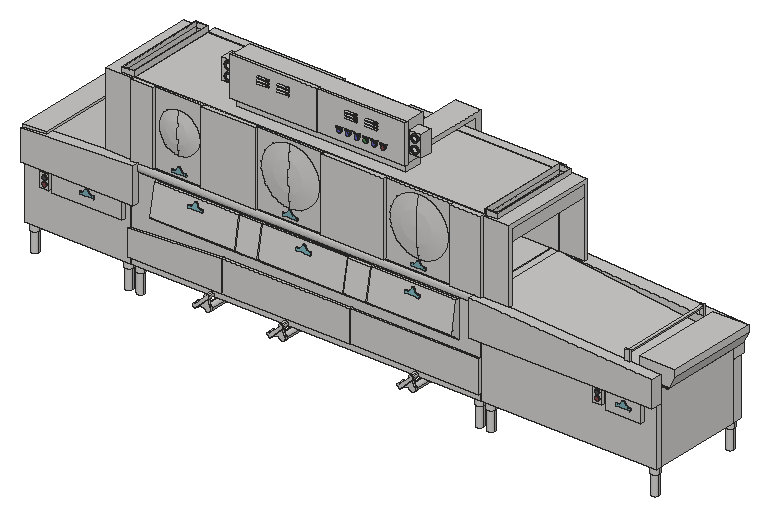
Revit family (continued)
Automatic sketch dimensions
  curve 77 to curve 75 = 0' - 1 1/8"
  curve 81 to plane 124 = 0' - 0 3/8"
  curve 81 to curve 81 = 0' - 1 1/8"
  curve 73 to plane 112 = 0' - 0 3/8"
  curve 73 to curve 73 = 0' - 1 1/8"
  plane 22 "Front of Main Body" to curve 86 = 0' - 1 1/8"
  curve 11 to curve 9 = 0' - 0 7/8"
  curve 38 to plane 22 "Front of Main Body" = 0' - 0.06488"
  curve 91 to plane 22 "Front of Main Body" = 0' - 0 3/4"
  curve 16 to plane 22 "Front of Main Body" = 0' - 0 3/4"
  curve 58 to plane 22 "Front of Main Body" = 0' - 0 3/4"
  curve 52 to plane 22 "Front of Main Body" = 0' - 0 3/4"
  curve 26 to plane 22 "Front of Main Body" = 0' - 0 3/4"
  curve 110 to curve 110 = 0' - 0 1/2"
  curve 115 to plane 33 "Back of Inside" = 0' - 0 1/2"
  curve 34 to plane 33 "Back of Inside" = 0' - 1"
  curve 15 to plane 33 "Back of Inside" = 0' - 1"
  curve 22 to curve 21 = 0' - 1"
  curve 12 to curve 2 = 0' - 0 3/8"
  curve 109 to curve 109 = 0' - 1 1/2"
  curve 5 to curve 5 = 0' - 1 1/2"
  plane 72 to curve 114 = 0' - 0 3/4"
  plane 72 to curve 111 = 0' - 0 3/4"
  curve 112 to curve 113 = 0' - 0 1/4"
  curve 117 to plane 72 = 0' - 0 1/2"
  curve 117 to curve 115 = 0' - 0 1/4"
  curve 117 to curve 111 = 0' - 0 1/4"
  curve 85 to curve 86 = 0' - 0 3/8"
  curve 134 to plane 80 = 0' - 0 1/2"
  curve 2 to plane 45 = 0' - 3"
  radius of Extrusion 105 sketch curve = 0' - 1 1/4"
  radius of Extrusion 105 sketch curve = 0' - 1"
  radius of Extrusion 108 sketch curve = 0' - 0 5/8"
  radius of Extrusion 109 sketch curve = 0' - 0 5/8"
  radius of Extrusion 110 sketch curve = 0' - 0 5/8"
  radius of Extrusion 111 sketch curve = 0' - 0 5/8"
  radius of Extrusion 113 sketch curve = 0' - 1 1/4"
  radius of Extrusion 113 sketch curve = 0' - 1"
  radius of Extrusion 115 sketch curve = 0' - 1 1/4"
  radius of Extrusion 115 sketch curve = 0' - 1"
  radius of Extrusion 117 sketch curve = 0' - 1 1/4"
  radius of Extrusion 117 sketch curve = 0' - 1"
  radius of Extrusion 119 sketch curve = 0' - 0 5/8"
  radius of Extrusion 120 sketch curve = 0' - 0 5/8"
  radius of Extrusion 139 sketch curve = 0' - 1"
  radius of Extrusion 139 sketch curve = 0' - 1 1/8"
  radius of Extrusion 140 sketch curve = 0' - 1"
  radius of Extrusion 140 sketch curve = 0' - 1 1/8"
  radius of Extrusion 144 sketch curve = 0' - 1"
  radius of Extrusion 144 sketch curve = 0' - 1 1/8"
  radius of Extrusion 150 sketch curve = 0' - 1 1/4"
  radius of Extrusion 150 sketch curve = 0' - 1"
  radius of Extrusion 153 sketch curve = 0' - 0 5/8"
  radius of Extrusion 154 sketch curve = 0' - 0 5/8"
  radius of Extrusion 155 sketch curve = 0' - 0 5/8"
  radius of Extrusion 156 sketch curve = 0' - 0 5/8"
  radius of Extrusion 158 sketch curve = 0' - 1 1/4"
  radius of Extrusion 158 sketch curve = 0' - 1"
  radius of Extrusion 160 sketch curve = 0' - 1 1/4"
  radius of Extrusion 160 sketch curve = 0' - 1"
  radius of Extrusion 162 sketch curve = 0' - 1 1/4"
  radius of Extrusion 162 sketch curve = 0' - 1"
  radius of Extrusion 164 sketch curve = 0' - 0 5/8"
  radius of Extrusion 165 sketch curve = 0' - 0 5/8"
  radius of Extrusion 178 sketch curve = 0' - 1"
  radius of Extrusion 178 sketch curve = 0' - 1 1/8"
  radius of Extrusion 179 sketch curve = 0' - 1"
  radius of Extrusion 179 sketch curve = 0' - 1 1/8"
  radius of Extrusion 183 sketch curve = 0' - 1"
  radius of Extrusion 183 sketch curve = 0' - 1 1/8"
  radius of Extrusion 57 sketch curve = 0' - 0 3/4"
  radius of Extrusion 58 sketch curve = 0' - 0 3/4"
  radius of Extrusion 73 sketch curve = 0' - 0 3/4"
  radius of Extrusion 74 sketch curve = 0' - 0 3/4"
  radius of Extrusion 75 sketch curve = 0' - 1 3/16"
  radius of Extrusion 76 sketch curve = 0' - 1 7/16"
  radius of Extrusion 77 sketch curve = 0' - 1 3/16"
  radius of Extrusion 78 sketch curve = 0' - 1 7/16"
  radius of Extrusion 79 sketch curve = 0' - 1 3/16"
  radius of Extrusion 80 sketch curve = 0' - 1 7/16"
  radius of Extrusion 81 sketch curve = 0' - 1 3/16"
  radius of Extrusion 82 sketch curve = 0' - 1 7/16"
  radius of Extrusion 83 sketch curve = 0' - 1 3/16"
  radius of Extrusion 84 sketch curve = 0' - 1 7/16"
  radius of Extrusion 85 sketch curve = 0' - 1 3/16"
  radius of Extrusion 86 sketch curve = 0' - 1 7/16"
  radius of Extrusion 87 sketch curve = 0' - 1 3/16"
  radius of Extrusion 88 sketch curve = 0' - 1 7/16"
  radius of Extrusion 89 sketch curve = 0' - 1 3/16"
  radius of Extrusion 90 sketch curve = 0' - 1 7/16"
  radius of Extrusion 91 sketch curve = 0' - 1 3/16"
  radius of Extrusion 92 sketch curve = 0' - 1 7/16"
  radius of Extrusion 93 sketch curve = 0' - 1 3/16"
  radius of Extrusion 94 sketch curve = 0' - 1 7/16"
  radius of Extrusion 95 sketch curve = 0' - 1 3/16"
  radius of Extrusion 96 sketch curve = 0' - 1 7/16"
  radius of Extrusion 97 sketch curve = 0' - 1 3/16"
  radius of Extrusion 98 sketch curve = 0' - 1 7/16"
  radius of Extrusion 133 sketch curve = 0' - 1"
  radius of Extrusion 133 sketch curve = 0' - 1 1/8"
  radius of Extrusion 138 sketch curve = 0' - 0 1/2"
  radius of Extrusion 211 sketch curve = 0' - 0 1/4"
  radius of Extrusion 69 sketch curve = 0' - 0 1/2"
  radius of Sweep 136 sketch curve = 0' - 0 3/8"
  radius of Sweep 136 sketch curve = 0' - 0 1/2"
  radius of Sweep 137 sketch curve = 0' - 0 1/2"
  radius of Sweep 137 sketch curve = 0' - 0 5/8"
  radius of Extrusion 148 sketch curve = 0' - 0 1/4"
  radius of Extrusion 149 sketch curve = 0' - 0 1/4"
  radius of Extrusion 192 sketch curve = 0' - 0 1/4"
  radius of Extrusion 193 sketch curve = 0' - 0 1/4"
  radius of Sweep 194 sketch curve = 0' - 0 3/8"
  radius of Extrusion 195 sketch curve = 0' - 0 1/4"
  radius of Extrusion 196 sketch curve = 0' - 0 1/4"
  radius of Extrusion 197 sketch curve = 0' - 0 1/4"
  radius of Extrusion 198 sketch curve = 0' - 0 1/4"
  radius of Extrusion 199 sketch curve = 0' - 0 1/4"
  radius of Extrusion 200 sketch curve = 0' - 0 1/4"
  radius of Extrusion 201 sketch curve = 0' - 0 1/4"
  radius of Extrusion 202 sketch curve = 0' - 0 1/4"
  radius of Sweep 203 sketch curve = 0' - 0 3/8"
  radius of Sweep 204 sketch curve = 0' - 0 3/8"
  radius of Sweep 205 sketch curve = 0' - 0 3/8"
  radius of Sweep 206 sketch curve = 0' - 0 3/8"
  radius of Sweep 210 sketch curve = 0' - 0 3/8"
  radius of Sweep 210 sketch curve = 0' - 0 1/2"
Nested families (in)
  nested 1: "QF_Stero_STPCW-ER_120_E_EX" at (98.84638, -6, 0), Ventilation Remarks <- "Unload Ventilation Remarks", Exhaust Volume <- "Unload Exhaust Volume", Exhaust Vent Width <- "Unload Exhaust Vent Width", Exhaust Vent Depth <- "Unload Exhaust Vent Depth", Exhaust Static Press <- "Unload Exhaust Static Press", Exhaust RI Height <- "Unload Exhaust RI Height", Item Number <- "Unload Exhaust Item Number", type "Nested"
    with Ventilation Remarks "", Item Number "-", Exhaust Volume 1000 CFM, Exhaust Vent Width 0' - 4", Exhaust Vent Depth 2' - 7 1/4", Exhaust Static Press 0.00 in-wg, Exhaust RI Height 0' - 0"
  nested 2: "QF_Stero_STPCW-ER_120_E_E2" at (11.97138, -26, 0), Watts <- "F2 Watts", Volts <- "F2 Volts", Phase <- "F2 Phase", Number of Poles <- "F2 Number of Poles", FL Amps <- "F2 FL Amps", Electrical Remarks <- "F2 Electrical Remarks", Electric Connection Type <- "F2 Electric Connection Type", Elec Conn RI Height <- "F2 Elec Conn RI Height", Elec Conn Connection Height <- "F2 Elec Conn Connection Height", Cycle <- "F2 Cycle", Conn Conduit <- "F2 Conn Conduit", Apparent Power <- "F2 Apparent Power", Item Number <- "F2 Item Number", visible <- "Feeder Line 2", type "Nested"
    with Watts 0 W, Volts 480 V, Phase 3, Number of Poles 3, Item Number "-", FL Amps 0 A, Electrical Remarks "", Electric Connection Type "", Elec Conn RI Height 0' - 0", Elec Conn Connection Height 6' - 6", Cycle 60 Hz, Conn Conduit yes, Apparent Power 0 VA
  nested 3: "QF_Stero_STPCW-ER_120_E_E2" at (12.72138, -26, 0), Watts <- "F3 Watts", Volts <- "F3 Volts", Phase <- "F3 Phase", Number of Poles <- "F3 Number of Poles", FL Amps <- "F3 FL Amps", Electrical Remarks <- "F3 Electrical Remarks", Electric Connection Type <- "F3 Electric Connection Type", Elec Conn RI Height <- "F3 Elec Conn RI Height", Elec Conn Connection Height <- "F3 Elec Conn Connection Height", Cycle <- "F3 Cycle", Conn Conduit <- "F3 Conn Conduit", Apparent Power <- "F3 Apparent Power", Item Number <- "F3 Item Number", visible <- "Feeder Line 3", type "Nested"
    with Watts 0 W, Volts 480 V, Phase 3, Number of Poles 3, Item Number "-", FL Amps 0 A, Electrical Remarks "", Electric Connection Type "", Elec Conn RI Height 0' - 0", Elec Conn Connection Height 6' - 6", Cycle 60 Hz, Conn Conduit yes, Apparent Power 0 VA
  nested 4: "QF_Stero_STPCW-ER_120_E_E2" at (110.72138, -3, 0), visible <- "Booster Heater", Watts <- "Booster Watts", Volts <- "Booster Volts", Phase <- "Booster Phase", Number of Poles <- "Booster Number of Poles", FL Amps <- "Booster FL Amps", Electrical Remarks <- "Booster Electrical Remarks", Electric Connection Type <- "Booster Electric Connection Type", Elec Conn RI Height <- "Booster Elec Conn RI Height", Elec Conn Connection Height <- "Booster Elec Conn Connection Height", Cycle <- "Booster Cycle", Conn Conduit <- "Booster Conn Conduit", Apparent Power <- "Booster Apparent Power", Item Number <- "Booster Item Number", type "Nested"
    with Watts 24000 W, Volts 480 V, Phase 3, Number of Poles 3, Item Number "-", FL Amps 28.9 A, Electrical Remarks "", Electric Connection Type "", Elec Conn RI Height 0' - 0", Elec Conn Connection Height 0' - 11", Cycle 60 Hz, Conn Conduit yes, Apparent Power 23998.6 VA
  nested 5: "QF_Stero_STPCW-ER_120_E_HW2" at (122.72138, -16.75, 0), visible <- "No Booster Heater", Plumbing Remarks <- "Boosted Plumbing Remarks", Hot Water Temperature <- "Boosted Hot Water Temperature", Hot Water Size <- "Boosted Hot Water Size", Hot Water RI Height <- "Boosted Hot Water RI Height", Hot Water Minimum Pressure <- "Boosted Hot Water Minimum Pressure", Hot Water Maximum Pressure <- "Boosted Hot Water Maximum Pressure", Hot Water Flow <- "Boosted Hot Water Flow", Hot Water Consumption <- "Boosted Hot Water Consumption", Hot Water Connection Height <- "Boosted Hot Water Connection Height", Item Number <- "Boosted HW Item Number", type "Nested"
    with Plumbing Remarks "", Item Number "-", Hot Water Temperature 180 °F, Hot Water Size Radius 3/8", Hot Water Size 3/4", Hot Water RI Height 0' - 0", Hot Water Minimum Pressure 20.00 psi, Hot Water Maximum Pressure 20.00 psi, Hot Water Flow 0.00 GPM, Hot Water Consumption 1.63 GPM, Hot Water Connection Height 0' - 6"
Connectors (in)
  hvac at (-23.40362, -21.625, 67.25), driven by "Exhaust Volume", driven by "Exhaust Vent Depth", driven by "Exhaust Vent Width"
    settings: on cut or joined group of Extrusion 29, Extrusion 31, index 1, duct flow 500 CFM, flow factor 0, pres drop 0.00 in-wg, loss coef 0, conn angle 0.00°, conn width 4", conn height 31 1/4", conn radius 12", duct sys type 3, conn prof type 1, flow config 1, flow direction 2, loss method 0, conn ref index -1, conn util no, is conn primary yes, conn desc "Load End Exhaust"
  hvac at (100.84638, -21.625, 67.25), driven by "Unload Exhaust Volume", driven by "Unload Exhaust Vent Depth", driven by "Unload Exhaust Vent Width"
    settings: on cut or joined group of Extrusion 33, Extrusion 35, index 2, duct flow 1000 CFM, flow factor 0, pres drop 0.00 in-wg, loss coef 0, conn angle 0.00°, conn width 4", conn height 31 1/4", conn radius 12", duct sys type 3, conn prof type 1, flow config 1, flow direction 2, loss method 0, conn ref index -1, conn util no, is conn primary no, conn desc "Unload End Exhaust"
  piping at (-39.90362, -20.25, 7), driven by "Indirect Waste Flow"
    settings: on Extrusion 133, index 3, connector radius 1", flow factor 0, pipe flow 0.00 GPM, pressure drop 0.00 psi, fitting loss kfactor 0, connector angle 0.00°, fixture units 0, flow configuration 1, flow direction 2, fitting loss method 0, system type 16, connector reference index -1, connector utility 0, adjustable connector no, is connector primary yes, fitting loss table "", connector description "Load End Indirect Waste"
  piping at (151.72138, -20.25, 7), driven by "Indirect Waste Flow"
    settings: on Extrusion 133, index 4, connector radius 1", flow factor 0, pipe flow 0.00 GPM, pressure drop 0.00 psi, fitting loss kfactor 0, connector angle 0.00°, fixture units 0, flow configuration 1, flow direction 2, fitting loss method 0, system type 16, connector reference index -1, connector utility 0, adjustable connector no, is connector primary no, fitting loss table "", connector description "Unload End Indirect Waste"
  piping at (134.72138, -8.5, 6), driven by "Hot Water Flow"
    settings: on Sweep 137, index 5, connector radius 1/2", flow factor 0, pipe flow 0.00 GPM, pressure drop 0.00 psi, fitting loss kfactor 0, connector angle 0.00°, fixture units 0, flow configuration 1, flow direction 1, fitting loss method 0, system type 19, connector reference index -1, connector utility 0, adjustable connector no, is connector primary no, fitting loss table "", connector description "Building Hot Water"
  piping at (-31.27862, -8.5, 6), driven by "Cold Water Flow"
    settings: on Sweep 136, index 6, connector radius 3/8", flow factor 0, pipe flow 0.00 GPM, pressure drop 0.00 psi, fitting loss kfactor 0, connector angle 0.00°, fixture units 0, flow configuration 1, flow direction 1, fitting loss method 0, system type 20, connector reference index -1, connector utility 0, adjustable connector no, is connector primary no, fitting loss table "", connector description "Cold Water"
  electrical at (10.72138, -26, 78.5), driven by "Number of Poles", driven by "Volts", driven by "Apparent Power"
    settings: on cut or joined group of Extrusion 100, Extrusion 138, index 7, voltage 480 V, apparent load 63193.4 VA, apparent load phase1 0 VA, apparent load phase2 0 VA, apparent load phase3 0 VA, power factor 1, load classification "Other", number of poles 3, system type 30, power factor state 1, is connector primary yes, connector utility no, sub classification motor no, connector description "Feeder 1 Electric"
  electrical at (11.97138, -25.9375, 78.5), driven by "F2 Number of Poles", driven by "F2 Volts", driven by "F2 Apparent Power"
    settings: on Extrusion 148, index 8, voltage 480 V, apparent load 0 VA, apparent load phase1 0 VA, apparent load phase2 0 VA, apparent load phase3 0 VA, power factor 1, load classification "Other", number of poles 3, system type 30, power factor state 1, is connector primary no, connector utility no, sub classification motor no, connector description "Feeder 2 Electric"
  electrical at (12.72138, -25.9375, 78.5), driven by "F3 Number of Poles", driven by "F3 Volts", driven by "F3 Apparent Power"
    settings: on Extrusion 149, index 9, voltage 480 V, apparent load 0 VA, apparent load phase1 0 VA, apparent load phase2 0 VA, apparent load phase3 0 VA, power factor 1, load classification "Other", number of poles 3, system type 30, power factor state 1, is connector primary no, connector utility no, sub classification motor no, connector description "Feeder 3 Electric"
  piping at (122.72138, -8.5, 6), driven by "Boosted Hot Water Flow"
    settings: on Sweep 210, index 11, connector radius 3/8", flow factor 0, pipe flow 0.00 GPM, pressure drop 0.00 psi, fitting loss kfactor 0, connector angle 0.00°, fixture units 0, flow configuration 1, flow direction 1, fitting loss method 0, system type 19, connector reference index -1, connector utility 0, adjustable connector no, is connector primary no, fitting loss table "", connector description "Booster Water"
  electrical at (110.72138, -2.9375, 11), driven by "Booster Number of Poles", driven by "Booster Volts", driven by "Booster Apparent Power"
    settings: on Extrusion 211, index 12, voltage 480 V, apparent load 23998.6 VA, apparent load phase1 0 VA, apparent load phase2 0 VA, apparent load phase3 0 VA, power factor 1, load classification "Other", number of poles 3, system type 30, power factor state 1, is connector primary no, connector utility no, sub classification motor no, connector description "Booster Electric"
Definition of nested family "QF_Stero_STPCW-ER_120_E_EX"
  Parameters (values of type "Nested")
    Ventilation Remarks [instance] = ""
    Item Number [instance] = "-"
    Exhaust Volume [instance] = 0 CFM
    Exhaust Vent Width [instance] = 1' - 4"
    Exhaust Vent Depth [instance] = 0' - 4"
    Exhaust Static Press [instance] = 0.00 in-wg
    Exhaust RI Height [instance] = 0' - 0"
    Description = ""
    Assembly Code = ""
  Reference planes (in)
    plane 1 "Center (Back)": y = 0
    plane 2: z = 0
    plane 3 "Center (Left)": x = 0
    plane 4: x = 16
    plane 5: y = -4
  Lines and regions (in)
    symbolic lines, style "QF_Multiple Utilities"
      curve 1: line (0, 0, 0) -> (16, 0, 0)
      curve 2: line (0, -4, 0) -> (0, 0, 0)
      curve 3: line (16, -4, 0) -> (0, -4, 0)
      curve 4: line (16, 0, 0) -> (16, -4, 0)
      curve 5: line (16, 0, 0) -> (0, -4, 0)
      curve 6: line (0, 0, 0) -> (16, -4, 0)
  Dimensions and locks (in)
    "Exhaust Vent Width": plane 3 "Center (Left)" to plane 4
    "Exhaust Vent Depth": plane 1 "Center (Back)" to plane 5
    aligned and locked: level to plane 2
    aligned and locked: plane 1 "Center (Back)" to curve 1
    aligned and locked: plane 3 "Center (Left)" to curve 2
    aligned and locked: curve 3 to plane 5
    aligned and locked: curve 4 to plane 4
Definition of nested family "QF_Stero_STPCW-ER_120_E_E2"
  Parameters (values of type "Nested")
    Watts [instance] = 0 W
    Volts [instance] = 0 V
    Phase [instance] = 1
    Number of Poles [instance] = 1
    Item Number [instance] = "-"
    FL Amps [instance] = 0 A
    Electrical Remarks [instance] = ""
    Electric Connection Type [instance] = ""
    Elec Conn RI Height [instance] = 0' - 0"
    Elec Conn Connection Height [instance] = 0' - 0"
    Description = ""
    Cycle [instance] = 0 Hz
    Conn Conduit [instance] = yes
    Assembly Code = ""
    Apparent Power [instance] = 0 VA
  Reference planes (in)
    plane 1 "Center (Back)": y = 0
    plane 2: z = 0
    plane 3 "Center (Left)": x = 0
  Lines and regions (in)
    symbolic lines, style "QF_Multiple Utilities"
      curve 1: circle (0, 0, 0) r 0.125 normal (0, 0, 1)
  Dimensions and locks (in)
    aligned and locked: level to plane 2
Definition of nested family "QF_Stero_STPCW-ER_120_E_HW2"
  Parameters (values of type "Nested")
    Plumbing Remarks [instance] = ""
    Item Number [instance] = "-"
    Hot Water Temperature [instance] = 0 °F
    Hot Water Size [instance] = 1/4"
    Hot Water RI Height [instance] = 0' - 0"
    Hot Water Minimum Pressure [instance] = 0.00 psi
    Hot Water Maximum Pressure [instance] = 0.00 psi
    Hot Water Flow [instance] = 0.00 GPM
    Hot Water Consumption [instance] = 0.00 GPM
    Hot Water Connection Height [instance] = 0' - 0"
    Description = ""
    Hot Water Size Radius [instance] = Hot Water Size / 2  # 1/8"
    Assembly Code = ""
  Reference planes (in)
    plane 1 "Center (Back)": y = 0
    plane 2: z = 0
    plane 3 "Center (Left)": x = 0
  Lines and regions (in)
    symbolic lines, style "QF_Multiple Utilities"
      curve 1: circle (0, 0, 0) r 0.125 normal (0, 0, 1)
  Dimensions and locks (in)
    "Hot Water Size Radius": radius of curve 1
    aligned and locked: level to plane 2
  Automatic sketch dimensions
    plane 1 "Center (Back)" to curve 1 = 0' - 0"
    curve 1 to plane 3 "Center (Left)" = 0' - 0"
Types (3): name | Volts | FL Amps | F3 Volts | F2 Volts | Booster Volts | Booster FL Amps | Booster Apparent Power | Apparent Power
  (no name) | 480 V | 76.1 A | 480 V | 480 V | 480 V | 28.9 A | 23998.6 VA | 63193.4 VA
  208/60/3 | 208 V | 173.1 A | 208 V | 208 V | 208 V | 66.7 A | 24001.3 VA | 62288.3 VA
  480/60/3 | 480 V | 76.1 A | 480 V | 480 V | 480 V | 28.9 A | 23998.6 VA | 63193.4 VA
